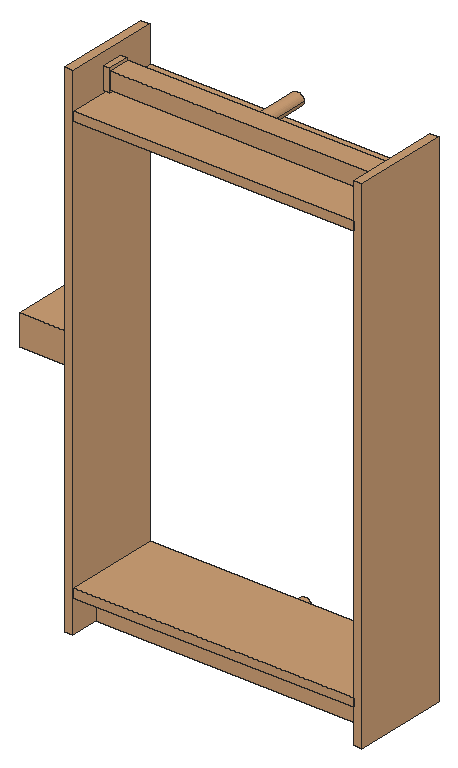
Revit family
Parameters
  Center Of Unit = 0' - 0"  # constant formula
  Water Pressure Drop [instance] = 0.00 psi
  Water Flow [instance] = 0 GPM
  Unit Weight (lbs) = 887
  URL = "http://www.ljwing.com/"
  Water Outlet Radius = 0' - 1 1/2"
  Water Outlet Odd sizes = 0' - 0"
  Total Heating Capacity [instance] = 0.0 Btu/h
  Temperature Rise [instance] = 0 °F
  Series = "VIFB"
  Outlet Area = 42.90 SF
  Number of Rows = 1  # constant formula
  Number of Coils [instance] = 0
  Nominal Length = 5' - 8 5/16"
  Model = "VF-6"
  Manufacturer = "LJ Wing"
  Leaving Water Temperature [instance] = 0 °F
  Leaving Air Temperature [instance] = 0 °F
  Face Velocity (FPM) [instance] = 0
  Entering Water Temperature [instance] = 0 °F
  Entering Air Temperature [instance] = 0 °F
  Description = "Vertical Integral Face & Bypass Water Heating Coils"
  Hot Water Odd Sizes = 0' - 0"
  Hot Water Inlet Offset = 0' - 4 3/8"  # constant formula
  Hot Water Inlet  Radius = 0' - 1 1/2"
  Coil Face Area = Outlet Area * 0.56  # 24.024 SF
  Casing Material = ""
  Assembly Code = "D3020300"
  Air Pressure Drop [instance] = 0.00 in-wg
  Air Inlet Width = Nominal Length - 0' 4"  # 5' - 4 5/16"
  Air Inlet Height = Y  # 8' - 0"
  Air Flow [instance] = 0 CFM
  Z = 0' - 2 1/8"
  Y = 8' - 0"
  S = 0' - 9 3/4"
  Product URL = "http://www.ljwing.com/html/vifb.asp"
  OmniClass = "23-75 70 21 14"
  Nominal Height = 9' - 8"
  Nominal Depth = 1' - 10"
  R = 0' - 10 1/4"
  Q = 0' - 4 5/32"
  P = 0' - 5 1/8"
  L = 0' - 5 15/16"
Reference planes (in)
  plane 1 "Center (Front/Back)": y = 0
  plane 2: z = -48
  plane 3 "Center (Left/Right)": x = 0
  plane 4: z = 58.25
  plane 5: x = -34.15625
  plane 6: x = 34.15625
  plane 7: z = -57.75
  plane 8: z = 0
  plane 9: y = -11
  plane 10: y = 11
  plane 11: z = 48
  plane 12: z = 50
  plane 13: z = -50
  plane 14: x = 32.15625
  plane 15: x = -32.15625
  plane 16: z = 53.125
  plane 17: z = -51.8125
  plane 18: x = -30
  plane 19: x = 30
  plane 20: y = 13.125
  plane 21: y = 15.375
  plane 22: x = -45.15625
  plane 23: x = 0
  plane 24: x = 0
  plane 25: z = 55.125
  plane 26: z = 51.125
  plane 27: y = -2.5
  plane 28: y = 2.5
  plane 29: y = -4.5
Forms (in)
  Extrusion 1, solid, material "Painted Finish"
    sketch origin (0, 6, -9.75) x (1, 0, 0) y (0, 0, 1)
      loop
        line (-34.15625, -48) -> (-32.15625, -48) -> (-32.15625, 68) -> (-34.15625, 68) -> (-34.15625, -48)
      loop
        line (34.15625, -48) -> (34.15625, 68) -> (32.15625, 68) -> (32.15625, -48) -> (34.15625, -48)
    from -5 to 17
  Extrusion 2, solid, material "Painted Finish"
    sketch origin (0, 6, 0) x (1, 0, 0) y (0, 0, 1)
      loop
        line (32.15625, -48) -> (-32.15625, -48) -> (-32.15625, -50) -> (32.15625, -50) -> (32.15625, -48)
      loop
        line (32.15625, 48) -> (32.15625, 50) -> (-32.15625, 50) -> (-32.15625, 48) -> (32.15625, 48)
    from -5 to 17
  Extrusion 3, solid, material "Painted Finish"
    sketch origin (0, 10, -0.5) x (1, 0, 0) y (0, 0, 1)
      loop
        line (-34.15625, 4) -> (-45.15625, 4) -> (-45.15625, -3) -> (-34.15625, -3) -> (-34.15625, 4)
    from 0 to 20
  Extrusion 4, solid, material "Painted Finish"
    sketch origin (0, 6, 0) x (1, 0, 0) y (0, 0, 1)
      loop
        line (-30.53125, 55.125) -> (-30.53125, 51.125) -> (30.53125, 51.125) -> (30.53125, 55.125) -> (-30.53125, 55.125)
    from 3.5 to 8.5
  Extrusion 5, solid, material "Painted Finish"
    sketch origin (0, 0, 0) x (1, 0, 0) y (0, 0, 1)
      loop
        line (-30.53125, 50.625) -> (-30.53125, 55.625) -> (-32.15625, 55.625) -> (-32.15625, 50.625) -> (-30.53125, 50.625)
      loop
        line (32.15625, 50.625) -> (32.15625, 55.625) -> (30.53125, 55.625) -> (30.53125, 50.625) -> (32.15625, 50.625)
    from -2.5 to 2.5
  Extrusion 6, solid, material "Painted Finish"
    sketch origin (0, 23, 0) x (1, 0, 0) y (0, 0, 1)
      loop
        circle (0, 53.125) r 1.5
    from 9.875 to 20.5
  Extrusion 7, solid, material "Painted Finish"
    sketch origin (0, 6, 0) x (1, 0, 0) y (0, 0, 1)
      loop
        line (-32.15625, -50) -> (-32.15625, -57.75) -> (32.15625, -57.75) -> (32.15625, -50) -> (-32.15625, -50)
    from -5 to 10.5
  Extrusion 8, solid, material "Painted Finish"
    sketch origin (0, 23, 0) x (1, 0, 0) y (0, 0, 1)
      loop
        circle (0, -51.8125) r 1.5
    from 7.625 to 12
  Extrusion 9, void
    sketch origin (0, 0, 0) x (1, 0, 0) y (0, 0, 1)
      loop
        line (-32.15625, 48) -> (-32.15625, -48) -> (32.15625, -48) -> (32.15625, 48) -> (-32.15625, 48)
    from -11 to 11
Cuts and joins
  Extrusion 9 cuts Extrusion 1
  Extrusion 9 cuts Extrusion 2
Dimensions and locks (in)
  "Nominal Length": plane 6 to plane 5
  equal spacing: plane 6, plane 3 "Center (Left/Right)", plane 5
  "S": plane 2 to plane 7
  "Nominal Depth": plane 10 to plane 9
  equal spacing: plane 10, plane 1 "Center (Front/Back)", plane 9
  "Y": plane 11 to plane 2
  "R": plane 4 to plane 11
  locked: plane 12 to plane 11 at 2
  locked: plane 2 to plane 13 at 2
  "P": plane 4 to plane 16
  "L": plane 17 to plane 7
  "Q": plane 18 to plane 5
  "Q": plane 6 to plane 19
  "Z": plane 20 to plane 10
  "Hot Water Inlet Offset": plane 21 to plane 10
  locked: plane 5 to plane 22 at 11
  locked: Extrusion 3 sketch curve to Extrusion 3 sketch curve at 7
  locked: Extrusion 3 to Extrusion 3 at 20
  locked: plane 6 to plane 14 at 2
  locked: plane 15 to plane 5 at 2
  "Water Outlet Odd sizes": plane 23 to plane 3 "Center (Left/Right)"
  "Hot Water Odd Sizes": plane 3 "Center (Left/Right)" to plane 24
  equal spacing: plane 25, plane 16, plane 26
  locked: Extrusion 5 sketch curve to plane 25 at 0.5
  locked: plane 26 to Extrusion 5 sketch curve at 0.5
  locked: Extrusion 6 sketch curve to plane 16 at 0
  locked: Extrusion 6 sketch curve to plane 23 at 0
  locked: Extrusion 8 sketch curve to plane 17 at 0
  locked: Extrusion 8 sketch curve to plane 24 at 0
  locked: plane 25 to plane 26 at 4
  locked: plane 28 to plane 27 at 5
  equal spacing: plane 28, plane 1 "Center (Front/Back)", plane 27
  locked: plane 27 to plane 29 at 2
  plane 4 to plane 7 = 9' - 8"
  locked: Extrusion 5 sketch curve to Extrusion 1 at 1.625
  locked: Extrusion 5 sketch curve to Extrusion 5 sketch curve at 1.625
  locked: Extrusion 9 sketch curve to plane 11 at 0
  locked: Extrusion 9 sketch curve to plane 15 at 0
  locked: Extrusion 9 sketch curve to plane 14 at 0
  locked: Extrusion 9 sketch curve to plane 2 at 0
  equal spacing: plane 11, plane 8, plane 2
  "Water Outlet Radius": radius of Extrusion 6 sketch curve
  "Hot Water Inlet  Radius": radius of Extrusion 8 sketch curve
  aligned and locked: Extrusion 1 to plane 9
  aligned and locked: Extrusion 1 to plane 10
  aligned and locked: Extrusion 1 to plane 15
  aligned and locked: Extrusion 1 to plane 14
  aligned and locked: Extrusion 2 to plane 9
  aligned and locked: plane 9 to Extrusion 1
  aligned and locked: plane 10 to Extrusion 1  (x2)
  aligned and locked: Extrusion 2 to plane 10
  aligned and locked: plane 10 to Extrusion 2  (x2)
  aligned and locked: plane 9 to Extrusion 2  (x2)
  aligned and locked: plane 5 to Extrusion 3
  aligned and locked: Extrusion 5 sketch curve to plane 15
  aligned and locked: Extrusion 5 sketch curve to Extrusion 4
  aligned and locked: Extrusion 6 to plane 20
  aligned and locked: Extrusion 1 to Extrusion 7
  aligned and locked: Extrusion 8 to plane 10
  aligned and locked: plane 21 to Extrusion 8
  aligned and locked: plane 27 to Extrusion 5
  aligned and locked: Extrusion 5 to Extrusion 4  (x2)
  aligned and locked: Extrusion 5 to plane 28
  aligned and locked: Extrusion 6 to Extrusion 4
  aligned and locked: Extrusion 7 to plane 29  (x2)
  aligned and locked: Extrusion 8 to Extrusion 7
  aligned and locked: Extrusion 4 to Extrusion 5  (x2)
  aligned and locked: Extrusion 5 to Extrusion 1  (x2)
  aligned and locked: plane 2 to Extrusion 2
  aligned and locked: Extrusion 1 sketch curve to plane 6
  aligned and locked: Extrusion 1 sketch curve to plane 14
  aligned and locked: Extrusion 1 sketch curve to plane 15
  aligned and locked: Extrusion 1 sketch curve to plane 5
  aligned and locked: plane 7 to Extrusion 1 sketch curve  (x2)
  aligned and locked: Extrusion 1 sketch curve to plane 4  (x2)
  aligned and locked: Extrusion 2 sketch curve to plane 11
  aligned and locked: Extrusion 2 sketch curve to plane 12
  aligned and locked: Extrusion 2 sketch curve to plane 14
  aligned and locked: Extrusion 2 sketch curve to plane 15
  aligned and locked: Extrusion 2 sketch curve to plane 13
  aligned and locked: plane 2 to Extrusion 2 sketch curve
  aligned and locked: plane 14 to Extrusion 2 sketch curve
  aligned and locked: plane 15 to Extrusion 2 sketch curve
  aligned and locked: plane 13 to Extrusion 7 sketch curve
  aligned and locked: Extrusion 7 sketch curve to plane 7
  aligned and locked: plane 14 to Extrusion 7 sketch curve
  aligned and locked: Extrusion 7 sketch curve to plane 15
  aligned and locked: cut or joined group of Extrusion 1, Extrusion 9 to plane 10
  aligned and locked: Extrusion 8 to plane 21
Automatic sketch dimensions
  Extrusion 3 sketch curve to plane 22 = 0' - 0"
  Extrusion 3 sketch curve to plane 5 = 0' - 0"
  plane 8 to Extrusion 3 sketch curve = 0' - 3 1/2"
  Extrusion 4 sketch curve to plane 25 = 0' - 0"
  Extrusion 4 sketch curve to plane 26 = 0' - 0"
  Extrusion 4 sketch curve to plane 18 = 0' - 0 17/32"
  plane 19 to Extrusion 4 sketch curve = 0' - 0 17/32"
  plane 26 to Extrusion 5 sketch curve = 0' - 0 1/2"
  Extrusion 5 sketch curve to plane 25 = 0' - 0 1/2"
Connectors (in)
  hvac at (0, -11, 0), driven by "Air Inlet Height", driven by "Air Inlet Width", driven by "Air Flow", driven by "Air Pressure Drop"
    settings: on Extrusion 9, index 1
  hvac at (0, 11, 0), driven by "Air Pressure Drop", driven by "Air Inlet Height", driven by "Air Inlet Width", driven by "Air Flow"
    settings: on Extrusion 9, index 2
  piping at (0, 13.125, 53.125), driven by "Water Flow", driven by "Water Outlet Radius", driven by "Water Pressure Drop"
    settings: on Extrusion 6, index 3
  piping at (0, 15.375, -51.8125), driven by "Water Flow", driven by "Water Pressure Drop", driven by "Hot Water Inlet  Radius"
    settings: on Extrusion 8, index 4
